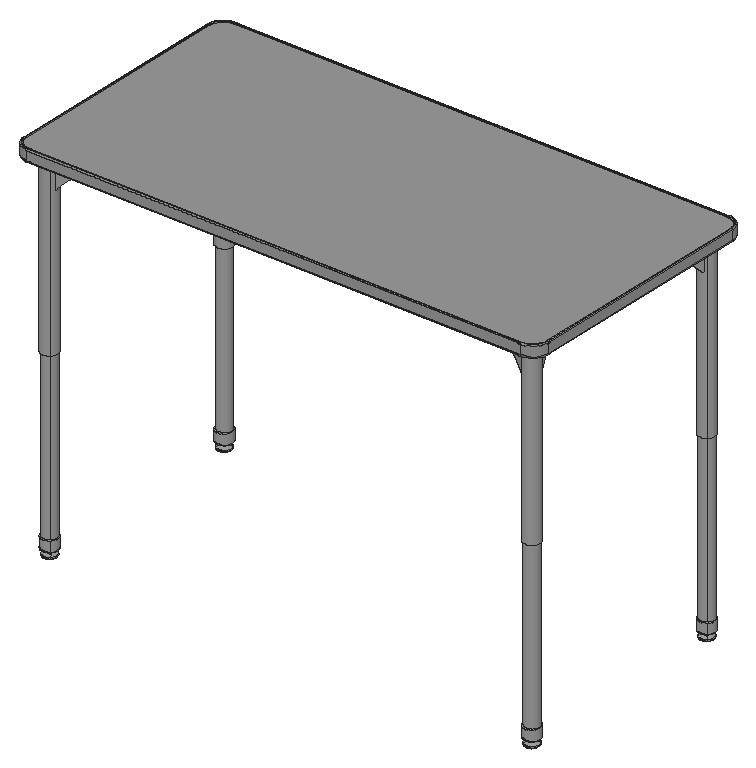
Revit family "Porcelain Steel 60x30 Rectangle Table - Standing Height", category Furniture, Revit 2018
Family settings
  Work Plane-Based = No
  Always vertical = Yes
  Cut with Voids When Loaded = No
  Shared = No
  Room Calculation Point = No
Parameters
  Table Height = 3' - 5"
  Leg Finish = Hierarchy Leg Platinum
  Caster/Glider = Hierarchy Standing Leg - Glide : Hierarchy Standing Leg - Glide
Reference planes (in)
  plane 1 "Center (Front/Back)": y = 0
  plane 2: z = 0
  plane 3 "Center (Left/Right)": x = 0
  plane 4: z = 41
Dimensions and locks (in)
  "Table Height": plane 4 to level
  aligned and locked: plane 2 to level
  aligned and locked: nested 1 to plane 4
Nested families (in)
  nested 1: "Porcelain 6030 Rectangle Tabletop" at (0, 0, 27.69459), type "Porcelain 6030 Rectangle Tabletop"
  nested 2: "Hierarchy Standing Leg - Glide" at (-27.53349, 12.46045, 0) x (0.7071, 0.7071, 0) z (0, 0, 1), type <- "Caster/Glider", Leg Finish <- "Leg Finish", Leg Height <- "Table Height", type "Hierarchy Standing Leg - Glide"
  nested 3: "Hierarchy Standing Leg - Glide" at (-27.53349, -12.48843, 0) x (-0.7071, 0.7071, 0) z (0, 0, 1), type <- "Caster/Glider", Leg Finish <- "Leg Finish", Leg Height <- "Table Height", type "Hierarchy Standing Leg - Glide"
  nested 4: "Hierarchy Standing Leg - Glide" at (27.53349, -12.48843, 0) x (-0.7071, -0.7071, 0) z (0, 0, 1), Leg Finish <- "Leg Finish", Leg Height <- "Table Height", type "Hierarchy Standing Leg - Glide"
    with Leg Height 3' - 5", Leg Finish Hierarchy Leg Platinum
  nested 5: "Hierarchy Standing Leg - Glide" at (27.53349, 12.46045, 0) x (0.7071, -0.7071, 0) z (0, 0, 1), Leg Finish <- "Leg Finish", Leg Height <- "Table Height", type "Hierarchy Standing Leg - Glide"
    with Leg Height 3' - 5", Leg Finish Hierarchy Leg Platinum
Definition of nested family "Porcelain 6030 Rectangle Tabletop"
  Parameters (values of type "Porcelain 6030 Rectangle Tabletop")
    Surface = none
    Edgeband = none
  Reference planes (in)
    plane 1 "Center (Front/Back)": y = 0
    plane 2: z = 0
    plane 3 "Center (Left/Right)": x = 0
  Forms (in)
    Extrusion 1, solid
      sketch origin (39.28513, -9.17802, 0) x (1, 0, 0) y (0, 1, 0)
        loop
          arc (-67.45442, 23.84896) -> (-68.55801, 23.39185) -> (-69.01513, 22.28826) r 1.5607
          line (-69.01513, 22.28826) -> (-69.01513, -3.93221)
          arc (-69.01513, -3.93221) -> (-68.55801, -5.0358) -> (-67.45442, -5.49292) r 1.5607
          line (-67.45442, -5.49292) -> (-11.11584, -5.49292)
          arc (-11.11584, -5.49292) -> (-10.01226, -5.0358) -> (-9.55514, -3.93221) r 1.5607
          line (-9.55514, -3.93221) -> (-9.55514, 22.28826)
          arc (-9.55514, 22.28826) -> (-10.01226, 23.39185) -> (-11.11584, 23.84896) r 1.5607
          line (-11.11584, 23.84896) -> (-67.45442, 23.84896)
      from 13.30541 to 14.53375
    Sweep 2, solid
      path origin (39.28513, -9.17802, 0) x (1, 0, 0) y (0, 1, 0)
        loop
          line (-11.11584, 23.91541) -> (-67.45442, 23.91541)
          arc (-67.45442, 23.91541) -> (-68.60499, 23.43883) -> (-69.08158, 22.28826) r 1.62715
          line (-69.08158, 22.28826) -> (-69.08158, -3.93221)
          arc (-69.08158, -3.93221) -> (-68.60499, -5.08278) -> (-67.45442, -5.55937) r 1.62715
          line (-67.45442, -5.55937) -> (-11.11584, -5.55937)
          arc (-11.11584, -5.55937) -> (-9.96527, -5.08278) -> (-9.48869, -3.93221) r 1.62715
          line (-9.48869, -3.93221) -> (-9.48869, 22.28826)
          arc (-9.48869, 22.28826) -> (-9.96527, 23.43883) -> (-11.11584, 23.91541) r 1.62715
      profile origin (0, 14.73739, 0) x (0, -1, 0) y (0, 0, 1)
        loop
          line (0, 13.34147) -> (0, 14.50949) -> (0.10571, 14.50949) -> (0.10571, 14.54167)
          arc (0.10571, 14.54167) -> (0.07218, 14.56143) -> (0.03507, 14.57312) r 0.1716
          line (0.03507, 14.57312) -> (-0.03244, 14.57312)
          arc (-0.03244, 14.57312) -> (-0.10136, 14.54458) -> (-0.12991, 14.47566) r 0.09746
          line (-0.12991, 14.47566) -> (-0.12991, 13.3753)
          arc (-0.12991, 13.3753) -> (-0.10137, 13.30639) -> (-0.03246, 13.27785) r 0.09745
          line (-0.03246, 13.27785) -> (0.02521, 13.27783)
          arc (0.02521, 13.27783) -> (0.04767, 13.28412) -> (0.06645, 13.29795) r 0.06478
          line (0.06645, 13.29795) -> (0.06645, 13.34147) -> (0, 13.34147)
  Dimensions and locks (in)
    aligned and locked: plane 2 to level
Definition of nested family "Hierarchy Standing Leg - Glide"
  Parameters (values of type "Hierarchy Standing Leg - Glide")
    Leg Finish [instance] = none
    Leg Height [instance] = 3' - 5"
  Reference planes (in)
    plane 1 "Center (Front/Back)": y = 0
    plane 2: z = 0
    plane 3 "Center (Left/Right)": x = 0
  Forms (in)
    Extrusion 1, solid
      sketch origin (-0.01562, 0, 0) x (1, 0, 0) y (0, 1, 0)
        loop
          circle (0.01563, 0) r 0.79147
      from 2 to 23.175
    Revolve 2, solid
      sketch origin (0, 0, 0) x (1, 0, 0) y (0, 0, 1)
        loop
          line (0, 2) -> (0, 0.74937) -> (0.84838, 0.74937)
          arc (0.84838, 0.74937) -> (0.89342, 0.76803) -> (0.91207, 0.81306) r 0.06369
          line (0.91207, 0.81306) -> (0.91207, 1.93631)
          arc (0.91207, 1.93631) -> (0.89342, 1.98134) -> (0.84838, 2) r 0.06369
          line (0.84838, 2) -> (0, 2)
        axis (0, 2) -> (0, 0.74937)
      angle from 0 to 360
    Revolve 3, solid
      sketch origin (0, 0, 0) x (1, 0, 0) y (0, 0, 1)
        loop
          line (0, 0.75) -> (0, 0) -> (0.74583, 0) -> (0.79147, 0.09013) -> (0.79147, 0.16241) -> (0.12474, 0.5) -> (0.12474, 0.75) -> (0, 0.75)
        axis (0, 0.75) -> (0, 0)
      angle from 0 to 360
  Dimensions and locks (in)
    "Leg Height": nested 1 to level
    aligned and locked: plane 2 to level
  Automatic sketch dimensions
    plane 1 "Center (Front/Back)" to Extrusion 1 sketch curve = 0' - 0"
    Extrusion 1 sketch curve to plane 3 "Center (Left/Right)" = 0' - 0"
    Revolve 2 sketch curve to plane 3 "Center (Left/Right)" = 0' - 0"  (x2)
    plane 3 "Center (Left/Right)" to Revolve 2 sketch curve = 0' - 0.84838"
    Revolve 2 sketch curve to Revolve 2 sketch curve = 0' - 0.84838"
    Revolve 2 sketch curve to Revolve 2 sketch curve = 0' - 0.06369"
    level to Revolve 2 sketch curve = 0' - 0.74937"
    Revolve 2 sketch curve to Revolve 2 sketch curve = 0' - 1.12324"
    Revolve 2 sketch curve to Revolve 2 sketch curve = 0' - 0.13731"
    Revolve 2 sketch curve to Revolve 2 sketch curve = 0' - 0 3/4"
    Revolve 3 sketch curve to plane 3 "Center (Left/Right)" = 0' - 0"  (x2)
    Revolve 3 sketch curve to level = 0' - 0"
    plane 3 "Center (Left/Right)" to Revolve 3 sketch curve = 0' - 0.12474"
    plane 3 "Center (Left/Right)" to Revolve 3 sketch curve = 0' - 0.74583"
    Revolve 3 sketch curve to Revolve 3 sketch curve = 0' - 0.04564"
    level to Revolve 3 sketch curve = 0' - 0.09013"
    Revolve 3 sketch curve to Revolve 3 sketch curve = 0' - 0.07228"
    level to Revolve 3 sketch curve = 0' - 0 1/2"
    Revolve 3 sketch curve to Revolve 3 sketch curve = 0' - 0 1/4"
    Revolve 3 sketch curve to level = 0' - 0 1/8"
    Revolve 3 sketch curve to Revolve 3 sketch curve = 0' - 0 1/8"
    radius of Extrusion 1 sketch curve = 0' - 0.79147"
  Nested families (in)
    nested 1: "Hierarchy Standing Upper Leg 2023" at (0, 0, 0.19983), Leg Finish <- "Leg Finish", type "Hierarchy Standing Upper Leg 2023"
      with Leg Finish none
  Definition of nested family "Hierarchy Standing Upper Leg 2023"
    Parameters (values of type "Hierarchy Standing Upper Leg 2023")
      Leg Finish [instance] = none
    Reference planes (in)
      plane 1 "Center (Front/Back)": y = 0
      plane 2: z = 0
      plane 3 "Center (Left/Right)": x = 0
    Forms (in)
      Extrusion 1, solid, material <- "Leg Finish"
        sketch origin (0, 0, 0) x (1, 0, 0) y (0, 1, 0)
          loop
            circle (0, 0) r 0.9129
        from 20.67418 to 40.67418
      Extrusion 2, solid, material <- "Leg Finish"
        sketch origin (0, 0, 12.998) x (1, 0, 0) y (0, 1, 0)
          loop
            line (-1.70174, 0.19183) -> (-3.96611, -4.49738)
            arc (-3.96611, -4.49738) -> (-3.91977, -5.33444) -> (-3.18615, -5.74016) r 0.86614
            line (-3.18615, -5.74016) -> (3.18615, -5.74016)
            arc (3.18615, -5.74016) -> (3.91977, -5.33444) -> (3.96611, -4.49738) r 0.86614
            line (3.96611, -4.49738) -> (1.70174, 0.19183)
            arc (1.70174, 0.19183) -> (0, 1.25984) -> (-1.70174, 0.19183) r 1.88976
        from 27.67618 to 27.80217
      Extrusion 3, solid, material <- "Leg Finish"
        sketch origin (12.41967, 1.58692, 0) x (0.434844, 0.900506, 0) y (0, 0, 1)
          loop
            arc (-12.68776, 40.67418) -> (-12.80559, 40.56418) -> (-12.70394, 40.43908) r 0.11811
            arc (-12.70394, 40.43908) -> (-9.98192, 39.53509) -> (-7.76426, 37.71614) r 7.87402
            arc (-7.76426, 37.71614) -> (-7.63344, 37.68136) -> (-7.55587, 37.79229) r 0.11811
            line (-7.55587, 37.79229) -> (-7.55587, 40.67418) -> (-12.68776, 40.67418)
        from -11.10976 to -10.98378
      Extrusion 4, solid, material <- "Leg Finish"
        sketch origin (-12.41967, 1.58692, 0) x (-0.434844, 0.900506, 0) y (0, 0, -1)
          loop
            line (-12.68776, -40.67418) -> (-7.55587, -40.67418) -> (-7.55587, -37.79229)
            arc (-7.55587, -37.79229) -> (-7.63344, -37.68136) -> (-7.76426, -37.71614) r 0.11811
            arc (-7.76426, -37.71614) -> (-9.98192, -39.53509) -> (-12.70394, -40.43908) r 7.87402
            arc (-12.70394, -40.43908) -> (-12.80559, -40.56418) -> (-12.68776, -40.67418) r 0.11811
        from -11.10976 to -10.98378
    Dimensions and locks (in)
      aligned and locked: plane 2 to level
